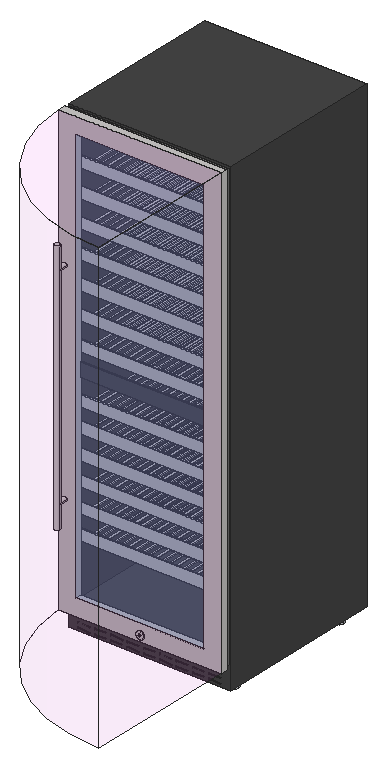
Revit family "QF_Summit_SWCP2163_Wine_Cellar", category Specialty Equipment, Revit 2020
Family settings
  Round Connector Dimension = Use Diameter
  Part Type = Normal
  Work Plane-Based = No
  Always vertical = Yes
  Cut with Voids When Loaded = No
  Shared = No
  Room Calculation Point = No
Parameters
  Weight in Pounds = 269
  Watts = if(Phase = 3, Volts * FL Amps * 1.73, Volts * FL Amps)  # 230 W
  Volts = 115 V
  URL Cutsheet = ""
  Specification by User = ""
  Specification by Manufacturer = ""
  Show RHD [instance] = not(Show LHD)  # no
  Show LHD [instance] = yes
  Show Clearance [instance] = yes
  Serial Number = ""
  Seismic Rating = ""
  SMACNA No = ""
  Revision Code = ""
  Refrigerant Type = "R600a"
  Phase = 1
  Number of Poles = 1
  NAFEM Spec ID Number = ""
  Model = "SWCP2163"
  Min Ckt Ampacity = 0 A
  Max Overcurrent Protection = 0 A
  Masterspec = ""
  Manufacturer = "Summit"
  Length = 23 5/8"
  Item Number = ""
  Installed By = ""
  Identify Quantity as Lot = yes
  Height = 69 1/2"
  HP = ""
  Furnished By = ""
  Foodservice Equipment Identifier = yes
  FL Amps = 2 A
  Electrical Remarks = ""
  Electric Connection Type = ""
  Elec Conn RI Height = 0"
  Elec Conn Connection Height = 0"
  Description = "Wine Cellar"
  Depth = 26 1/2"
  Default Elevation = 0"
  Cycle = 60 Hz
  Conn Plug = ""
  Conn Conduit = yes
  CSI MasterFormat = ""
  Apparent Power = if(Phase = 3, Volts * FL Amps * 1.73, Volts * FL Amps)  # 230 VA
Reference planes (in)
  plane 1 "BACK": y = 0
  plane 2: z = 0
  plane 3 "LEFT": x = 0
  plane 4 "RIGHT": x = 23.625
  plane 5 "FRONT": y = -26.5
  plane 6 "TOP": z = 69.5
  plane 7 "Center Y": x = 11.8125
  plane 8 "Center X": y = -13.25
  plane 9: y = -24.75
  plane 10: y = -48.75
  plane 11: y = -28.25
  plane 12 "Base Height": z = 1.25
  plane 13: z = 4.25
  plane 14: z = 6.125
Forms (in)
  Extrusion 1, solid, material "QF_Metal_Stainless_Polished"
    sketch origin (23.625, -24.75, 0.75) x (-1, 0, 0) y (0, 0, -1)
      loop
        line (23.625, -68.75) -> (23.625, -3.5) -> (0, -3.5) -> (0, -68.75) -> (23.625, -68.75)
      loop
        line (2.5, -5.875) -> (2.5, -66.375) -> (21.25, -66.375) -> (21.25, -5.875) -> (2.5, -5.875)
    from 0.75 to 1.75
  Extrusion 2, solid, material "Glass"
    sketch origin (23.625, -24.75, 0.75) x (-1, 0, 0) y (0, 0, -1)
      loop
        line (21.25, -66.375) -> (21.25, -5.875) -> (2.5, -5.875) -> (2.5, -66.375) -> (21.25, -66.375)
    from 1 to 1.75
  Extrusion 3, solid, material "QF_Metal_Black"
    sketch origin (23.625, -24.75, -10.775) x (-1, 0, 0) y (0, 0, -1)
      loop
        line (2.5, -47.9) -> (21.25, -47.9) -> (21.25, -45.9) -> (2.5, -45.9) -> (2.5, -47.9)
    from 0.75 to 1
  Extrusion 4, solid, material "QF_Metal_Stainless_Polished", visible <- "Show LHD"
    sketch origin (14.48848, -23.375, 0.625) x (-1, 0, 0) y (0, 0, -1)
      loop
        circle (13.6762, -48.875) r 0.3125
      loop
        circle (13.6762, -18.375) r 0.3125
    from 4.44906 to 3.125
  Extrusion 5, solid, material "QF_Metal_Stainless_Polished", visible <- "Show LHD"
    sketch origin (0.31689, 0, 1.25) x (-1, 0, 0) y (0, -1, 0)
      loop
        circle (-0.49424, 27.875) r 0.375
    from 14.5 to 51.5
  Extrusion 6, solid, material "QF_Rubber_Black_Smooth"
    sketch origin (1.09375, 0, 0.3125) x (1, 0, 0) y (0, 0, -1)
      loop
        circle (18.97551, -2.01083) r 0.25
    from -0.0625 to 0.10156
  Extrusion 7, void
    sketch origin (23.625, 0, 0) x (0, -1, 0) y (0, 0, 1)
      loop
        line (3.75, 68.125) -> (3.75, 10.375) -> (9.75, 10.375) -> (9.75, 5.625) -> (25.125, 5.625) -> (25.125, 68.125) -> (3.75, 68.125)
    from 1.625 to 22.125
  Extrusion 8, solid, material "QF_Rubber_Black_Smooth"
    sketch origin (23.625, -24.75, 0.75) x (-1, 0, 0) y (0, 0, -1)
      loop
        line (23.375, -3.75) -> (0.25, -3.75) -> (0.25, -68.5) -> (23.375, -68.5) -> (23.375, -3.75)
      loop
        line (22.375, -67.5) -> (22.375, -4.5) -> (1.25, -4.5) -> (1.25, -67.5) -> (22.375, -67.5)
    from 0 to 0.75
  Extrusion 9, solid, material "QF_Metal_Black"
    sketch origin (0, 0, 1.25) x (-1, 0, 0) y (0, -1, 0)
      loop
        line (-0.0625, 0) -> (-0.0625, 24.75) -> (-23.5625, 24.75) -> (-23.5625, 0) -> (-0.0625, 0)
    from 0 to 68.25
  Extrusion 10, void
    sketch origin (24.0305, -24.224, 1.08127) x (-1, 0, 0) y (0, 0, -1)
      loop
        line (3.53067, -2.66873) -> (1.90427, -2.66873)
        arc (1.90427, -2.66873) -> (1.77927, -2.79373) -> (1.90427, -2.91873) r 0.125
        line (1.90427, -2.91873) -> (3.53067, -2.91873)
        arc (3.53067, -2.91873) -> (3.65567, -2.79373) -> (3.53067, -2.66873) r 0.125
      loop
        line (3.53067, -1.91873) -> (1.90427, -1.91873)
        arc (1.90427, -1.91873) -> (1.77927, -2.04373) -> (1.90427, -2.16873) r 0.125
        line (1.90427, -2.16873) -> (3.53067, -2.16873)
        arc (3.53067, -2.16873) -> (3.65567, -2.04373) -> (3.53067, -1.91873) r 0.125
      loop
        line (3.53067, -1.16873) -> (1.90427, -1.16873)
        arc (1.90427, -1.16873) -> (1.77927, -1.29373) -> (1.90427, -1.41873) r 0.125
        line (1.90427, -1.41873) -> (3.53067, -1.41873)
        arc (3.53067, -1.41873) -> (3.65567, -1.29373) -> (3.53067, -1.16873) r 0.125
      loop
        line (3.53067, -0.41873) -> (1.90427, -0.41873)
        arc (1.90427, -0.41873) -> (1.77927, -0.54373) -> (1.90427, -0.66873) r 0.125
        line (1.90427, -0.66873) -> (3.53067, -0.66873)
        arc (3.53067, -0.66873) -> (3.65567, -0.54373) -> (3.53067, -0.41873) r 0.125
      loop
        line (5.9069, -2.66873) -> (4.2805, -2.66873)
        arc (4.2805, -2.66873) -> (4.1555, -2.79373) -> (4.2805, -2.91873) r 0.125
        line (4.2805, -2.91873) -> (5.9069, -2.91873)
        arc (5.9069, -2.91873) -> (6.0319, -2.79373) -> (5.9069, -2.66873) r 0.125
      loop
        line (5.9069, -1.91873) -> (4.2805, -1.91873)
        arc (4.2805, -1.91873) -> (4.1555, -2.04373) -> (4.2805, -2.16873) r 0.125
        line (4.2805, -2.16873) -> (5.9069, -2.16873)
        arc (5.9069, -2.16873) -> (6.0319, -2.04373) -> (5.9069, -1.91873) r 0.125
      loop
        line (5.9069, -1.16873) -> (4.2805, -1.16873)
        arc (4.2805, -1.16873) -> (4.1555, -1.29373) -> (4.2805, -1.41873) r 0.125
        line (4.2805, -1.41873) -> (5.9069, -1.41873)
        arc (5.9069, -1.41873) -> (6.0319, -1.29373) -> (5.9069, -1.16873) r 0.125
      loop
        line (5.9069, -0.41873) -> (4.2805, -0.41873)
        arc (4.2805, -0.41873) -> (4.1555, -0.54373) -> (4.2805, -0.66873) r 0.125
        line (4.2805, -0.66873) -> (5.9069, -0.66873)
        arc (5.9069, -0.66873) -> (6.0319, -0.54373) -> (5.9069, -0.41873) r 0.125
      loop
        line (8.2819, -2.66873) -> (6.6555, -2.66873)
        arc (6.6555, -2.66873) -> (6.5305, -2.79373) -> (6.6555, -2.91873) r 0.125
        line (6.6555, -2.91873) -> (8.2819, -2.91873)
        arc (8.2819, -2.91873) -> (8.4069, -2.79373) -> (8.2819, -2.66873) r 0.125
      loop
        line (8.2819, -1.91873) -> (6.6555, -1.91873)
        arc (6.6555, -1.91873) -> (6.5305, -2.04373) -> (6.6555, -2.16873) r 0.125
        line (6.6555, -2.16873) -> (8.2819, -2.16873)
        arc (8.2819, -2.16873) -> (8.4069, -2.04373) -> (8.2819, -1.91873) r 0.125
      loop
        line (8.2819, -1.16873) -> (6.6555, -1.16873)
        arc (6.6555, -1.16873) -> (6.5305, -1.29373) -> (6.6555, -1.41873) r 0.125
        line (6.6555, -1.41873) -> (8.2819, -1.41873)
        arc (8.2819, -1.41873) -> (8.4069, -1.29373) -> (8.2819, -1.16873) r 0.125
      loop
        line (8.2819, -0.41873) -> (6.6555, -0.41873)
        arc (6.6555, -0.41873) -> (6.5305, -0.54373) -> (6.6555, -0.66873) r 0.125
        line (6.6555, -0.66873) -> (8.2819, -0.66873)
        arc (8.2819, -0.66873) -> (8.4069, -0.54373) -> (8.2819, -0.41873) r 0.125
      loop
        line (10.6569, -2.66873) -> (9.0305, -2.66873)
        arc (9.0305, -2.66873) -> (8.9055, -2.79373) -> (9.0305, -2.91873) r 0.125
        line (9.0305, -2.91873) -> (10.6569, -2.91873)
        arc (10.6569, -2.91873) -> (10.7819, -2.79373) -> (10.6569, -2.66873) r 0.125
      loop
        line (10.6569, -1.91873) -> (9.0305, -1.91873)
        arc (9.0305, -1.91873) -> (8.9055, -2.04373) -> (9.0305, -2.16873) r 0.125
        line (9.0305, -2.16873) -> (10.6569, -2.16873)
        arc (10.6569, -2.16873) -> (10.7819, -2.04373) -> (10.6569, -1.91873) r 0.125
      loop
        line (10.6569, -1.16873) -> (9.0305, -1.16873)
        arc (9.0305, -1.16873) -> (8.9055, -1.29373) -> (9.0305, -1.41873) r 0.125
        line (9.0305, -1.41873) -> (10.6569, -1.41873)
        arc (10.6569, -1.41873) -> (10.7819, -1.29373) -> (10.6569, -1.16873) r 0.125
      loop
        line (10.6569, -0.41873) -> (9.0305, -0.41873)
        arc (9.0305, -0.41873) -> (8.9055, -0.54373) -> (9.0305, -0.66873) r 0.125
        line (9.0305, -0.66873) -> (10.6569, -0.66873)
        arc (10.6569, -0.66873) -> (10.7819, -0.54373) -> (10.6569, -0.41873) r 0.125
      loop
        line (15.4069, -2.66873) -> (13.7805, -2.66873)
        arc (13.7805, -2.66873) -> (13.6555, -2.79373) -> (13.7805, -2.91873) r 0.125
        line (13.7805, -2.91873) -> (15.4069, -2.91873)
        arc (15.4069, -2.91873) -> (15.5319, -2.79373) -> (15.4069, -2.66873) r 0.125
      loop
        line (15.4069, -1.91873) -> (13.7805, -1.91873)
        arc (13.7805, -1.91873) -> (13.6555, -2.04373) -> (13.7805, -2.16873) r 0.125
        line (13.7805, -2.16873) -> (15.4069, -2.16873)
        arc (15.4069, -2.16873) -> (15.5319, -2.04373) -> (15.4069, -1.91873) r 0.125
      loop
        line (15.4069, -1.16873) -> (13.7805, -1.16873)
        arc (13.7805, -1.16873) -> (13.6555, -1.29373) -> (13.7805, -1.41873) r 0.125
        line (13.7805, -1.41873) -> (15.4069, -1.41873)
        arc (15.4069, -1.41873) -> (15.5319, -1.29373) -> (15.4069, -1.16873) r 0.125
      loop
        line (15.4069, -0.41873) -> (13.7805, -0.41873)
        arc (13.7805, -0.41873) -> (13.6555, -0.54373) -> (13.7805, -0.66873) r 0.125
        line (13.7805, -0.66873) -> (15.4069, -0.66873)
        arc (15.4069, -0.66873) -> (15.5319, -0.54373) -> (15.4069, -0.41873) r 0.125
      loop
        line (17.7819, -2.66873) -> (16.1555, -2.66873)
        arc (16.1555, -2.66873) -> (16.0305, -2.79373) -> (16.1555, -2.91873) r 0.125
        line (16.1555, -2.91873) -> (17.7819, -2.91873)
        arc (17.7819, -2.91873) -> (17.9069, -2.79373) -> (17.7819, -2.66873) r 0.125
      loop
        line (17.7819, -1.91873) -> (16.1555, -1.91873)
        arc (16.1555, -1.91873) -> (16.0305, -2.04373) -> (16.1555, -2.16873) r 0.125
        line (16.1555, -2.16873) -> (17.7819, -2.16873)
        arc (17.7819, -2.16873) -> (17.9069, -2.04373) -> (17.7819, -1.91873) r 0.125
      loop
        line (17.7819, -1.16873) -> (16.1555, -1.16873)
        arc (16.1555, -1.16873) -> (16.0305, -1.29373) -> (16.1555, -1.41873) r 0.125
        line (16.1555, -1.41873) -> (17.7819, -1.41873)
        arc (17.7819, -1.41873) -> (17.9069, -1.29373) -> (17.7819, -1.16873) r 0.125
      loop
        line (17.7819, -0.41873) -> (16.1555, -0.41873)
        arc (16.1555, -0.41873) -> (16.0305, -0.54373) -> (16.1555, -0.66873) r 0.125
        line (16.1555, -0.66873) -> (17.7819, -0.66873)
        arc (17.7819, -0.66873) -> (17.9069, -0.54373) -> (17.7819, -0.41873) r 0.125
      loop
        line (20.1569, -2.66873) -> (18.5305, -2.66873)
        arc (18.5305, -2.66873) -> (18.4055, -2.79373) -> (18.5305, -2.91873) r 0.125
        line (18.5305, -2.91873) -> (20.1569, -2.91873)
        arc (20.1569, -2.91873) -> (20.2819, -2.79373) -> (20.1569, -2.66873) r 0.125
      loop
        line (20.1569, -1.91873) -> (18.5305, -1.91873)
        arc (18.5305, -1.91873) -> (18.4055, -2.04373) -> (18.5305, -2.16873) r 0.125
        line (18.5305, -2.16873) -> (20.1569, -2.16873)
        arc (20.1569, -2.16873) -> (20.2819, -2.04373) -> (20.1569, -1.91873) r 0.125
      loop
        line (20.1569, -1.16873) -> (18.5305, -1.16873)
        arc (18.5305, -1.16873) -> (18.4055, -1.29373) -> (18.5305, -1.41873) r 0.125
        line (18.5305, -1.41873) -> (20.1569, -1.41873)
        arc (20.1569, -1.41873) -> (20.2819, -1.29373) -> (20.1569, -1.16873) r 0.125
      loop
        line (20.1569, -0.41873) -> (18.5305, -0.41873)
        arc (18.5305, -0.41873) -> (18.4055, -0.54373) -> (18.5305, -0.66873) r 0.125
        line (18.5305, -0.66873) -> (20.1569, -0.66873)
        arc (20.1569, -0.66873) -> (20.2819, -0.54373) -> (20.1569, -0.41873) r 0.125
      loop
        line (22.5319, -2.66873) -> (20.9055, -2.66873)
        arc (20.9055, -2.66873) -> (20.7805, -2.79373) -> (20.9055, -2.91873) r 0.125
        line (20.9055, -2.91873) -> (22.5319, -2.91873)
        arc (22.5319, -2.91873) -> (22.6569, -2.79373) -> (22.5319, -2.66873) r 0.125
      loop
        line (22.5319, -1.91873) -> (20.9055, -1.91873)
        arc (20.9055, -1.91873) -> (20.7805, -2.04373) -> (20.9055, -2.16873) r 0.125
        line (20.9055, -2.16873) -> (22.5319, -2.16873)
        arc (22.5319, -2.16873) -> (22.6569, -2.04373) -> (22.5319, -1.91873) r 0.125
      loop
        line (22.5319, -1.16873) -> (20.9055, -1.16873)
        arc (20.9055, -1.16873) -> (20.7805, -1.29373) -> (20.9055, -1.41873) r 0.125
        line (20.9055, -1.41873) -> (22.5319, -1.41873)
        arc (22.5319, -1.41873) -> (22.6569, -1.29373) -> (22.5319, -1.16873) r 0.125
      loop
        line (22.5319, -0.41873) -> (20.9055, -0.41873)
        arc (20.9055, -0.41873) -> (20.7805, -0.54373) -> (20.9055, -0.66873) r 0.125
        line (20.9055, -0.66873) -> (22.5319, -0.66873)
        arc (22.5319, -0.66873) -> (22.6569, -0.54373) -> (22.5319, -0.41873) r 0.125
      loop
        line (13.0319, -1.16873) -> (11.4055, -1.16873)
        arc (11.4055, -1.16873) -> (11.2805, -1.29373) -> (11.4055, -1.41873) r 0.125
        line (11.4055, -1.41873) -> (13.0319, -1.41873)
        arc (13.0319, -1.41873) -> (13.1569, -1.29373) -> (13.0319, -1.16873) r 0.125
      loop
        line (13.0319, -0.41873) -> (11.4055, -0.41873)
        arc (11.4055, -0.41873) -> (11.2805, -0.54373) -> (11.4055, -0.66873) r 0.125
        line (11.4055, -0.66873) -> (13.0319, -0.66873)
        arc (13.0319, -0.66873) -> (13.1569, -0.54373) -> (13.0319, -0.41873) r 0.125
    from 1.44536 to -1
  Revolve 11, solid
    sketch origin (0, -2.83333, 0) x (1, 0, 0) y (0, 0, 1)
      loop
        line (21.93936, 1.25) -> (21.75886, 1.25) -> (21.75886, 0.982) -> (21.31436, 0.982) -> (21.34561, 0) -> (21.93936, 0) -> (21.93936, 1.25)
      axis (21.93936, 0) -> (21.93936, 1.25)
    angle from 0 to 360
  Revolve 12, solid
    sketch origin (-20.25186, -2.83333, 0) x (1, 0, 0) y (0, 0, 1)
      loop
        line (21.93936, 1.25) -> (21.75886, 1.25) -> (21.75886, 0.982) -> (21.31436, 0.982) -> (21.34561, 0) -> (21.93936, 0) -> (21.93936, 1.25)
      axis (21.93936, 0) -> (21.93936, 1.25)
    angle from 0 to 360
  Revolve 13, solid
    sketch origin (0, -21.91667, 0) x (1, 0, 0) y (0, 0, 1)
      loop
        line (21.93936, 1.25) -> (21.75886, 1.25) -> (21.75886, 0.982) -> (21.31436, 0.982) -> (21.34561, 0) -> (21.93936, 0) -> (21.93936, 1.25)
      axis (21.93936, 0) -> (21.93936, 1.25)
    angle from 0 to 360
  Revolve 14, solid
    sketch origin (-20.25186, -21.91667, 0) x (1, 0, 0) y (0, 0, 1)
      loop
        line (21.93936, 1.25) -> (21.75886, 1.25) -> (21.75886, 0.982) -> (21.31436, 0.982) -> (21.34561, 0) -> (21.93936, 0) -> (21.93936, 1.25)
      axis (21.93936, 0) -> (21.93936, 1.25)
    angle from 0 to 360
  Extrusion 15, solid, material "QF_Metal_Black"
    sketch origin (23.625, -3.75, 31.875) x (0, 0, -1) y (1, 0, 0)
      loop
        circle (-32.65791, -11.8125) r 2.25
      loop
        circle (-32.65791, -11.8125) r 2.15625
      loop
        circle (-32.65791, -11.8125) r 1.875
      loop
        circle (-32.65791, -11.8125) r 1.78125
      loop
        circle (-32.65791, -11.8125) r 1.5
      loop
        circle (-32.65791, -11.8125) r 1.40625
      loop
        circle (-32.65791, -11.8125) r 1.125
      loop
        circle (-32.65791, -11.8125) r 1.03125
    from 0 to 0.25
  Extrusion 16, solid, material "QF_Clearances_Door_Drawer", visible <- "Show LHD"
    sketch origin (0, 0, 1.25) x (-1, 0, 0) y (0, -1, 0)
      loop
        line (-23.625, 48.74698) -> (-23.625, 26.5) -> (-0.02152, 26.5)
        arc (-0.02152, 26.5) -> (-7.30314, 42.41922) -> (-23.625, 48.74698) r 23.25
    from 3 to 68.25
  Extrusion 17, void
    sketch origin (0, -26.5, 0.4375) x (1, 0, 0) y (0, 0, 1)
      loop
        circle (11.8125, 4.66135) r 0.5625
    from -0.41526 to 0.27553
  Extrusion 18, solid, material "QF_Metal_Stainless_Polished"
    sketch origin (23.625, -26.5, 0.75) x (-1, 0, 0) y (0, 0, -1)
      loop
        circle (11.8125, -4.34885) r 0.5625
      loop
        circle (11.8125, -4.34885) r 0.1875
      loop
        circle (11.8125, -4.34885) r 0.05145
    from -0.41526 to 0.04673
  Extrusion 19, solid, material "QF_Metal_Stainless_Polished"
    sketch origin (23.625, -25.5, -16.13754) x (1, 0, 0) y (0, 0, -1)
      loop
        line (-21.25, -64.01254) -> (-2.5, -64.01254) -> (-2.5, -62.41369) -> (-21.25, -62.41369) -> (-21.25, -64.01254)
    from 0 to 0.125
  Extrusion 20, solid, material "QF_Metal_Stainless_Polished"
    sketch origin (23.625, -25.375, -16.13754) x (1, 0, 0) y (0, 0, -1)
      loop
        circle (-11.8125, -62.65879) r 0.11817
      loop
        circle (-12.8125, -62.65879) r 0.11817
      loop
        circle (-13.8125, -62.65879) r 0.11817
      loop
        circle (-14.8125, -62.65879) r 0.11817
      loop
        circle (-15.8125, -62.65879) r 0.11817
      loop
        circle (-16.8125, -62.65879) r 0.11817
      loop
        circle (-17.8125, -62.65879) r 0.11817
      loop
        circle (-18.8125, -62.65879) r 0.11817
      loop
        circle (-19.8125, -62.65879) r 0.11817
      loop
        circle (-20.8125, -62.65879) r 0.11817
      loop
        circle (-10.8125, -62.65879) r 0.11817
      loop
        circle (-9.8125, -62.65879) r 0.11817
      loop
        circle (-8.8125, -62.65879) r 0.11817
      loop
        circle (-7.8125, -62.65879) r 0.11817
      loop
        circle (-6.8125, -62.65879) r 0.11817
      loop
        circle (-5.8125, -62.65879) r 0.11817
      loop
        circle (-4.8125, -62.65879) r 0.11817
      loop
        circle (-3.8125, -62.65879) r 0.11817
      loop
        circle (-2.8125, -62.65879) r 0.11817
    from 0 to 21
  Extrusion 21, solid, material "QF_Metal_Stainless_Polished"
    sketch origin (21.125, -25.5, 46.27615) x (0, 1, 0) y (1, 0, 0)
      loop
        line (21.125, -18.43067) -> (21.125, -0.18067) -> (20.875, -0.18067) -> (20.875, -18.43067) -> (21.125, -18.43067)
      loop
        line (7.125, -18.43067) -> (7.125, -0.18067) -> (6.875, -0.18067) -> (6.875, -18.43067) -> (7.125, -18.43067)
      loop
        line (12.25, -18.43067) -> (12.25, -0.18067) -> (12, -0.18067) -> (12, -18.43067) -> (12.25, -18.43067)
    from -0.33488 to -0.19678
  Extrusion 22, solid, material "QF_Metal_Stainless_Polished"
    sketch origin (23.625, -25.5, -12.13754) x (1, 0, 0) y (0, 0, -1)
      loop
        line (-21.25, -64.01254) -> (-2.5, -64.01254) -> (-2.5, -62.41369) -> (-21.25, -62.41369) -> (-21.25, -64.01254)
    from 0 to 0.125
  Extrusion 23, solid, material "QF_Metal_Stainless_Polished"
    sketch origin (23.625, -25.375, -12.13754) x (1, 0, 0) y (0, 0, -1)
      loop
        circle (-11.8125, -62.65879) r 0.11817
      loop
        circle (-12.8125, -62.65879) r 0.11817
      loop
        circle (-13.8125, -62.65879) r 0.11817
      loop
        circle (-14.8125, -62.65879) r 0.11817
      loop
        circle (-15.8125, -62.65879) r 0.11817
      loop
        circle (-16.8125, -62.65879) r 0.11817
      loop
        circle (-17.8125, -62.65879) r 0.11817
      loop
        circle (-18.8125, -62.65879) r 0.11817
      loop
        circle (-19.8125, -62.65879) r 0.11817
      loop
        circle (-20.8125, -62.65879) r 0.11817
      loop
        circle (-10.8125, -62.65879) r 0.11817
      loop
        circle (-9.8125, -62.65879) r 0.11817
      loop
        circle (-8.8125, -62.65879) r 0.11817
      loop
        circle (-7.8125, -62.65879) r 0.11817
      loop
        circle (-6.8125, -62.65879) r 0.11817
      loop
        circle (-5.8125, -62.65879) r 0.11817
      loop
        circle (-4.8125, -62.65879) r 0.11817
      loop
        circle (-3.8125, -62.65879) r 0.11817
      loop
        circle (-2.8125, -62.65879) r 0.11817
    from 0 to 21
  Extrusion 24, solid, material "QF_Metal_Stainless_Polished"
    sketch origin (21.125, -25.5, 50.27615) x (0, 1, 0) y (1, 0, 0)
      loop
        line (21.125, -18.43067) -> (21.125, -0.18067) -> (20.875, -0.18067) -> (20.875, -18.43067) -> (21.125, -18.43067)
      loop
        line (7.125, -18.43067) -> (7.125, -0.18067) -> (6.875, -0.18067) -> (6.875, -18.43067) -> (7.125, -18.43067)
      loop
        line (12.25, -18.43067) -> (12.25, -0.18067) -> (12, -0.18067) -> (12, -18.43067) -> (12.25, -18.43067)
    from -0.33488 to -0.19678
  Extrusion 25, solid, material "QF_Metal_Stainless_Polished"
    sketch origin (23.625, -25.5, -8.13754) x (1, 0, 0) y (0, 0, -1)
      loop
        line (-21.25, -64.01254) -> (-2.5, -64.01254) -> (-2.5, -62.41369) -> (-21.25, -62.41369) -> (-21.25, -64.01254)
    from 0 to 0.125
  Extrusion 26, solid, material "QF_Metal_Stainless_Polished"
    sketch origin (23.625, -25.375, -8.13754) x (1, 0, 0) y (0, 0, -1)
      loop
        circle (-11.8125, -62.65879) r 0.11817
      loop
        circle (-12.8125, -62.65879) r 0.11817
      loop
        circle (-13.8125, -62.65879) r 0.11817
      loop
        circle (-14.8125, -62.65879) r 0.11817
      loop
        circle (-15.8125, -62.65879) r 0.11817
      loop
        circle (-16.8125, -62.65879) r 0.11817
      loop
        circle (-17.8125, -62.65879) r 0.11817
      loop
        circle (-18.8125, -62.65879) r 0.11817
      loop
        circle (-19.8125, -62.65879) r 0.11817
      loop
        circle (-20.8125, -62.65879) r 0.11817
      loop
        circle (-10.8125, -62.65879) r 0.11817
      loop
        circle (-9.8125, -62.65879) r 0.11817
      loop
        circle (-8.8125, -62.65879) r 0.11817
      loop
        circle (-7.8125, -62.65879) r 0.11817
      loop
        circle (-6.8125, -62.65879) r 0.11817
      loop
        circle (-5.8125, -62.65879) r 0.11817
      loop
        circle (-4.8125, -62.65879) r 0.11817
      loop
        circle (-3.8125, -62.65879) r 0.11817
      loop
        circle (-2.8125, -62.65879) r 0.11817
    from 0 to 21
  Extrusion 27, solid, material "QF_Metal_Stainless_Polished"
    sketch origin (21.125, -25.5, 54.27615) x (0, 1, 0) y (1, 0, 0)
      loop
        line (21.125, -18.43067) -> (21.125, -0.18067) -> (20.875, -0.18067) -> (20.875, -18.43067) -> (21.125, -18.43067)
      loop
        line (7.125, -18.43067) -> (7.125, -0.18067) -> (6.875, -0.18067) -> (6.875, -18.43067) -> (7.125, -18.43067)
      loop
        line (12.25, -18.43067) -> (12.25, -0.18067) -> (12, -0.18067) -> (12, -18.43067) -> (12.25, -18.43067)
    from -0.33488 to -0.19678
  Extrusion 28, solid, material "QF_Metal_Stainless_Polished"
    sketch origin (23.625, -25.5, -4.13754) x (1, 0, 0) y (0, 0, -1)
      loop
        line (-21.25, -64.01254) -> (-2.5, -64.01254) -> (-2.5, -62.41369) -> (-21.25, -62.41369) -> (-21.25, -64.01254)
    from 0 to 0.125
  Extrusion 29, solid, material "QF_Metal_Stainless_Polished"
    sketch origin (23.625, -25.375, -4.13754) x (1, 0, 0) y (0, 0, -1)
      loop
        circle (-11.8125, -62.65879) r 0.11817
      loop
        circle (-12.8125, -62.65879) r 0.11817
      loop
        circle (-13.8125, -62.65879) r 0.11817
      loop
        circle (-14.8125, -62.65879) r 0.11817
      loop
        circle (-15.8125, -62.65879) r 0.11817
      loop
        circle (-16.8125, -62.65879) r 0.11817
      loop
        circle (-17.8125, -62.65879) r 0.11817
      loop
        circle (-18.8125, -62.65879) r 0.11817
      loop
        circle (-19.8125, -62.65879) r 0.11817
      loop
        circle (-20.8125, -62.65879) r 0.11817
      loop
        circle (-10.8125, -62.65879) r 0.11817
      loop
        circle (-9.8125, -62.65879) r 0.11817
      loop
        circle (-8.8125, -62.65879) r 0.11817
      loop
        circle (-7.8125, -62.65879) r 0.11817
      loop
        circle (-6.8125, -62.65879) r 0.11817
      loop
        circle (-5.8125, -62.65879) r 0.11817
      loop
        circle (-4.8125, -62.65879) r 0.11817
      loop
        circle (-3.8125, -62.65879) r 0.11817
      loop
        circle (-2.8125, -62.65879) r 0.11817
    from 0 to 21
  Extrusion 30, solid, material "QF_Metal_Stainless_Polished"
    sketch origin (21.125, -25.5, 58.27615) x (0, 1, 0) y (1, 0, 0)
      loop
        line (21.125, -18.43067) -> (21.125, -0.18067) -> (20.875, -0.18067) -> (20.875, -18.43067) -> (21.125, -18.43067)
      loop
        line (7.125, -18.43067) -> (7.125, -0.18067) -> (6.875, -0.18067) -> (6.875, -18.43067) -> (7.125, -18.43067)
      loop
        line (12.25, -18.43067) -> (12.25, -0.18067) -> (12, -0.18067) -> (12, -18.43067) -> (12.25, -18.43067)
    from -0.33488 to -0.19678
  Extrusion 31, solid, material "QF_Metal_Stainless_Polished"
    sketch origin (23.625, -25.5, -0.13754) x (1, 0, 0) y (0, 0, -1)
      loop
        line (-21.25, -64.01254) -> (-2.5, -64.01254) -> (-2.5, -62.41369) -> (-21.25, -62.41369) -> (-21.25, -64.01254)
    from 0 to 0.125
  Extrusion 32, solid, material "QF_Metal_Stainless_Polished"
    sketch origin (23.625, -25.375, -0.13754) x (1, 0, 0) y (0, 0, -1)
      loop
        circle (-11.8125, -62.65879) r 0.11817
      loop
        circle (-12.8125, -62.65879) r 0.11817
      loop
        circle (-13.8125, -62.65879) r 0.11817
      loop
        circle (-14.8125, -62.65879) r 0.11817
      loop
        circle (-15.8125, -62.65879) r 0.11817
      loop
        circle (-16.8125, -62.65879) r 0.11817
      loop
        circle (-17.8125, -62.65879) r 0.11817
      loop
        circle (-18.8125, -62.65879) r 0.11817
      loop
        circle (-19.8125, -62.65879) r 0.11817
      loop
        circle (-20.8125, -62.65879) r 0.11817
      loop
        circle (-10.8125, -62.65879) r 0.11817
      loop
        circle (-9.8125, -62.65879) r 0.11817
      loop
        circle (-8.8125, -62.65879) r 0.11817
      loop
        circle (-7.8125, -62.65879) r 0.11817
      loop
        circle (-6.8125, -62.65879) r 0.11817
      loop
        circle (-5.8125, -62.65879) r 0.11817
      loop
        circle (-4.8125, -62.65879) r 0.11817
      loop
        circle (-3.8125, -62.65879) r 0.11817
      loop
        circle (-2.8125, -62.65879) r 0.11817
    from 0 to 21
  Extrusion 33, solid, material "QF_Metal_Stainless_Polished"
    sketch origin (21.125, -25.5, 62.27615) x (0, 1, 0) y (1, 0, 0)
      loop
        line (21.125, -18.43067) -> (21.125, -0.18067) -> (20.875, -0.18067) -> (20.875, -18.43067) -> (21.125, -18.43067)
      loop
        line (7.125, -18.43067) -> (7.125, -0.18067) -> (6.875, -0.18067) -> (6.875, -18.43067) -> (7.125, -18.43067)
      loop
        line (12.25, -18.43067) -> (12.25, -0.18067) -> (12, -0.18067) -> (12, -18.43067) -> (12.25, -18.43067)
    from -0.33488 to -0.19678
  Extrusion 34, solid, material "QF_Metal_Stainless_Polished", not visible
    sketch origin (23.625, -25.5, 0.75) x (1, 0, 0) y (0, 0, -1)
      loop
        line (-21.25, -64.01254) -> (-2.5, -64.01254) -> (-2.5, -62.41369) -> (-21.25, -62.41369) -> (-21.25, -64.01254)
    from 0 to 0.125
  Extrusion 35, solid, material "QF_Metal_Stainless_Polished", not visible
    sketch origin (23.625, -25.375, 0.75) x (1, 0, 0) y (0, 0, -1)
      loop
        circle (-11.8125, -62.65879) r 0.11817
      loop
        circle (-12.8125, -62.65879) r 0.11817
      loop
        circle (-13.8125, -62.65879) r 0.11817
      loop
        circle (-14.8125, -62.65879) r 0.11817
      loop
        circle (-15.8125, -62.65879) r 0.11817
      loop
        circle (-16.8125, -62.65879) r 0.11817
      loop
        circle (-17.8125, -62.65879) r 0.11817
      loop
        circle (-18.8125, -62.65879) r 0.11817
      loop
        circle (-19.8125, -62.65879) r 0.11817
      loop
        circle (-20.8125, -62.65879) r 0.11817
      loop
        circle (-10.8125, -62.65879) r 0.11817
      loop
        circle (-9.8125, -62.65879) r 0.11817
      loop
        circle (-8.8125, -62.65879) r 0.11817
      loop
        circle (-7.8125, -62.65879) r 0.11817
      loop
        circle (-6.8125, -62.65879) r 0.11817
      loop
        circle (-5.8125, -62.65879) r 0.11817
      loop
        circle (-4.8125, -62.65879) r 0.11817
      loop
        circle (-3.8125, -62.65879) r 0.11817
      loop
        circle (-2.8125, -62.65879) r 0.11817
    from 0 to 21
  Extrusion 36, solid, material "QF_Metal_Stainless_Polished", not visible
    sketch origin (21.125, -25.5, 63.16369) x (0, 1, 0) y (1, 0, 0)
      loop
        line (21.125, -18.43067) -> (21.125, -0.18067) -> (20.875, -0.18067) -> (20.875, -18.43067) -> (21.125, -18.43067)
      loop
        line (7.125, -18.43067) -> (7.125, -0.18067) -> (6.875, -0.18067) -> (6.875, -18.43067) -> (7.125, -18.43067)
      loop
        line (12.25, -18.43067) -> (12.25, -0.18067) -> (12, -0.18067) -> (12, -18.43067) -> (12.25, -18.43067)
    from -0.33488 to -0.19678
  Extrusion 37, solid, material "QF_Metal_Stainless_Polished"
    sketch origin (23.625, -25.5, -24.13754) x (1, 0, 0) y (0, 0, -1)
      loop
        line (-21.25, -64.01254) -> (-2.5, -64.01254) -> (-2.5, -62.41369) -> (-21.25, -62.41369) -> (-21.25, -64.01254)
    from 0 to 0.125
  Extrusion 38, solid, material "QF_Metal_Stainless_Polished"
    sketch origin (23.625, -25.375, -24.13754) x (1, 0, 0) y (0, 0, -1)
      loop
        circle (-11.8125, -62.65879) r 0.11817
      loop
        circle (-12.8125, -62.65879) r 0.11817
      loop
        circle (-13.8125, -62.65879) r 0.11817
      loop
        circle (-14.8125, -62.65879) r 0.11817
      loop
        circle (-15.8125, -62.65879) r 0.11817
      loop
        circle (-16.8125, -62.65879) r 0.11817
      loop
        circle (-17.8125, -62.65879) r 0.11817
      loop
        circle (-18.8125, -62.65879) r 0.11817
      loop
        circle (-19.8125, -62.65879) r 0.11817
      loop
        circle (-20.8125, -62.65879) r 0.11817
      loop
        circle (-10.8125, -62.65879) r 0.11817
      loop
        circle (-9.8125, -62.65879) r 0.11817
      loop
        circle (-8.8125, -62.65879) r 0.11817
      loop
        circle (-7.8125, -62.65879) r 0.11817
      loop
        circle (-6.8125, -62.65879) r 0.11817
      loop
        circle (-5.8125, -62.65879) r 0.11817
      loop
        circle (-4.8125, -62.65879) r 0.11817
      loop
        circle (-3.8125, -62.65879) r 0.11817
      loop
        circle (-2.8125, -62.65879) r 0.11817
    from 0 to 21
  Extrusion 39, solid, material "QF_Metal_Stainless_Polished"
    sketch origin (21.125, -25.5, 38.27615) x (0, 1, 0) y (1, 0, 0)
      loop
        line (21.125, -18.43067) -> (21.125, -0.18067) -> (20.875, -0.18067) -> (20.875, -18.43067) -> (21.125, -18.43067)
      loop
        line (7.125, -18.43067) -> (7.125, -0.18067) -> (6.875, -0.18067) -> (6.875, -18.43067) -> (7.125, -18.43067)
      loop
        line (12.25, -18.43067) -> (12.25, -0.18067) -> (12, -0.18067) -> (12, -18.43067) -> (12.25, -18.43067)
    from -0.33488 to -0.19678
  Extrusion 40, solid, material "QF_Metal_Stainless_Polished"
    sketch origin (23.625, -25.5, -20.13754) x (1, 0, 0) y (0, 0, -1)
      loop
        line (-21.25, -64.01254) -> (-2.5, -64.01254) -> (-2.5, -62.41369) -> (-21.25, -62.41369) -> (-21.25, -64.01254)
    from 0 to 0.125
  Extrusion 41, solid, material "QF_Metal_Stainless_Polished"
    sketch origin (23.625, -25.375, -20.13754) x (1, 0, 0) y (0, 0, -1)
      loop
        circle (-11.8125, -62.65879) r 0.11817
      loop
        circle (-12.8125, -62.65879) r 0.11817
      loop
        circle (-13.8125, -62.65879) r 0.11817
      loop
        circle (-14.8125, -62.65879) r 0.11817
      loop
        circle (-15.8125, -62.65879) r 0.11817
      loop
        circle (-16.8125, -62.65879) r 0.11817
      loop
        circle (-17.8125, -62.65879) r 0.11817
      loop
        circle (-18.8125, -62.65879) r 0.11817
      loop
        circle (-19.8125, -62.65879) r 0.11817
      loop
        circle (-20.8125, -62.65879) r 0.11817
      loop
        circle (-10.8125, -62.65879) r 0.11817
      loop
        circle (-9.8125, -62.65879) r 0.11817
      loop
        circle (-8.8125, -62.65879) r 0.11817
      loop
        circle (-7.8125, -62.65879) r 0.11817
      loop
        circle (-6.8125, -62.65879) r 0.11817
      loop
        circle (-5.8125, -62.65879) r 0.11817
      loop
        circle (-4.8125, -62.65879) r 0.11817
      loop
        circle (-3.8125, -62.65879) r 0.11817
      loop
        circle (-2.8125, -62.65879) r 0.11817
    from 0 to 21
  Extrusion 42, solid, material "QF_Metal_Stainless_Polished"
    sketch origin (21.125, -25.5, 42.27615) x (0, 1, 0) y (1, 0, 0)
      loop
        line (21.125, -18.43067) -> (21.125, -0.18067) -> (20.875, -0.18067) -> (20.875, -18.43067) -> (21.125, -18.43067)
      loop
        line (7.125, -18.43067) -> (7.125, -0.18067) -> (6.875, -0.18067) -> (6.875, -18.43067) -> (7.125, -18.43067)
      loop
        line (12.25, -18.43067) -> (12.25, -0.18067) -> (12, -0.18067) -> (12, -18.43067) -> (12.25, -18.43067)
    from -0.33488 to -0.19678
  Extrusion 43, solid, material "QF_Metal_Stainless_Polished"
    sketch origin (23.625, -25.5, -31.28869) x (1, 0, 0) y (0, 0, -1)
      loop
        line (-21.25, -64.01254) -> (-2.5, -64.01254) -> (-2.5, -62.41369) -> (-21.25, -62.41369) -> (-21.25, -64.01254)
    from 0 to 0.125
  Extrusion 44, solid, material "QF_Metal_Stainless_Polished"
    sketch origin (23.625, -25.375, -31.28869) x (1, 0, 0) y (0, 0, -1)
      loop
        circle (-11.8125, -62.65879) r 0.11817
      loop
        circle (-12.8125, -62.65879) r 0.11817
      loop
        circle (-13.8125, -62.65879) r 0.11817
      loop
        circle (-14.8125, -62.65879) r 0.11817
      loop
        circle (-15.8125, -62.65879) r 0.11817
      loop
        circle (-16.8125, -62.65879) r 0.11817
      loop
        circle (-17.8125, -62.65879) r 0.11817
      loop
        circle (-18.8125, -62.65879) r 0.11817
      loop
        circle (-19.8125, -62.65879) r 0.11817
      loop
        circle (-20.8125, -62.65879) r 0.11817
      loop
        circle (-10.8125, -62.65879) r 0.11817
      loop
        circle (-9.8125, -62.65879) r 0.11817
      loop
        circle (-8.8125, -62.65879) r 0.11817
      loop
        circle (-7.8125, -62.65879) r 0.11817
      loop
        circle (-6.8125, -62.65879) r 0.11817
      loop
        circle (-5.8125, -62.65879) r 0.11817
      loop
        circle (-4.8125, -62.65879) r 0.11817
      loop
        circle (-3.8125, -62.65879) r 0.11817
      loop
        circle (-2.8125, -62.65879) r 0.11817
    from 0 to 21
  Extrusion 45, solid, material "QF_Metal_Stainless_Polished"
    sketch origin (21.125, -25.5, 31.125) x (0, 1, 0) y (1, 0, 0)
      loop
        line (21.125, -18.43067) -> (21.125, -0.18067) -> (20.875, -0.18067) -> (20.875, -18.43067) -> (21.125, -18.43067)
      loop
        line (7.125, -18.43067) -> (7.125, -0.18067) -> (6.875, -0.18067) -> (6.875, -18.43067) -> (7.125, -18.43067)
      loop
        line (12.25, -18.43067) -> (12.25, -0.18067) -> (12, -0.18067) -> (12, -18.43067) -> (12.25, -18.43067)
    from -0.33488 to -0.19678
  Extrusion 46, solid, material "QF_Metal_Stainless_Polished"
    sketch origin (23.625, -25.5, -34.78869) x (1, 0, 0) y (0, 0, -1)
      loop
        line (-21.25, -64.01254) -> (-2.5, -64.01254) -> (-2.5, -62.41369) -> (-21.25, -62.41369) -> (-21.25, -64.01254)
    from 0 to 0.125
  Extrusion 47, solid, material "QF_Metal_Stainless_Polished"
    sketch origin (23.625, -25.375, -34.78869) x (1, 0, 0) y (0, 0, -1)
      loop
        circle (-11.8125, -62.65879) r 0.11817
      loop
        circle (-12.8125, -62.65879) r 0.11817
      loop
        circle (-13.8125, -62.65879) r 0.11817
      loop
        circle (-14.8125, -62.65879) r 0.11817
      loop
        circle (-15.8125, -62.65879) r 0.11817
      loop
        circle (-16.8125, -62.65879) r 0.11817
      loop
        circle (-17.8125, -62.65879) r 0.11817
      loop
        circle (-18.8125, -62.65879) r 0.11817
      loop
        circle (-19.8125, -62.65879) r 0.11817
      loop
        circle (-20.8125, -62.65879) r 0.11817
      loop
        circle (-10.8125, -62.65879) r 0.11817
      loop
        circle (-9.8125, -62.65879) r 0.11817
      loop
        circle (-8.8125, -62.65879) r 0.11817
      loop
        circle (-7.8125, -62.65879) r 0.11817
      loop
        circle (-6.8125, -62.65879) r 0.11817
      loop
        circle (-5.8125, -62.65879) r 0.11817
      loop
        circle (-4.8125, -62.65879) r 0.11817
      loop
        circle (-3.8125, -62.65879) r 0.11817
      loop
        circle (-2.8125, -62.65879) r 0.11817
    from 0 to 21
  Extrusion 48, solid, material "QF_Metal_Stainless_Polished"
    sketch origin (21.125, -25.5, 27.625) x (0, 1, 0) y (1, 0, 0)
      loop
        line (21.125, -18.43067) -> (21.125, -0.18067) -> (20.875, -0.18067) -> (20.875, -18.43067) -> (21.125, -18.43067)
      loop
        line (7.125, -18.43067) -> (7.125, -0.18067) -> (6.875, -0.18067) -> (6.875, -18.43067) -> (7.125, -18.43067)
      loop
        line (12.25, -18.43067) -> (12.25, -0.18067) -> (12, -0.18067) -> (12, -18.43067) -> (12.25, -18.43067)
    from -0.33488 to -0.19678
  Extrusion 49, solid, material "QF_Metal_Stainless_Polished"
    sketch origin (23.625, -25.5, -38.28869) x (1, 0, 0) y (0, 0, -1)
      loop
        line (-21.25, -64.01254) -> (-2.5, -64.01254) -> (-2.5, -62.41369) -> (-21.25, -62.41369) -> (-21.25, -64.01254)
    from 0 to 0.125
  Extrusion 50, solid, material "QF_Metal_Stainless_Polished"
    sketch origin (23.625, -25.375, -38.28869) x (1, 0, 0) y (0, 0, -1)
      loop
        circle (-11.8125, -62.65879) r 0.11817
      loop
        circle (-12.8125, -62.65879) r 0.11817
      loop
        circle (-13.8125, -62.65879) r 0.11817
      loop
        circle (-14.8125, -62.65879) r 0.11817
      loop
        circle (-15.8125, -62.65879) r 0.11817
      loop
        circle (-16.8125, -62.65879) r 0.11817
      loop
        circle (-17.8125, -62.65879) r 0.11817
      loop
        circle (-18.8125, -62.65879) r 0.11817
      loop
        circle (-19.8125, -62.65879) r 0.11817
      loop
        circle (-20.8125, -62.65879) r 0.11817
      loop
        circle (-10.8125, -62.65879) r 0.11817
      loop
        circle (-9.8125, -62.65879) r 0.11817
      loop
        circle (-8.8125, -62.65879) r 0.11817
      loop
        circle (-7.8125, -62.65879) r 0.11817
      loop
        circle (-6.8125, -62.65879) r 0.11817
      loop
        circle (-5.8125, -62.65879) r 0.11817
      loop
        circle (-4.8125, -62.65879) r 0.11817
      loop
        circle (-3.8125, -62.65879) r 0.11817
      loop
        circle (-2.8125, -62.65879) r 0.11817
    from 0 to 21
  Extrusion 51, solid, material "QF_Metal_Stainless_Polished"
    sketch origin (21.125, -25.5, 24.125) x (0, 1, 0) y (1, 0, 0)
      loop
        line (21.125, -18.43067) -> (21.125, -0.18067) -> (20.875, -0.18067) -> (20.875, -18.43067) -> (21.125, -18.43067)
      loop
        line (7.125, -18.43067) -> (7.125, -0.18067) -> (6.875, -0.18067) -> (6.875, -18.43067) -> (7.125, -18.43067)
      loop
        line (12.25, -18.43067) -> (12.25, -0.18067) -> (12, -0.18067) -> (12, -18.43067) -> (12.25, -18.43067)
    from -0.33488 to -0.19678
  Extrusion 52, solid, material "QF_Metal_Stainless_Polished"
    sketch origin (23.625, -25.5, -41.78869) x (1, 0, 0) y (0, 0, -1)
      loop
        line (-21.25, -64.01254) -> (-2.5, -64.01254) -> (-2.5, -62.41369) -> (-21.25, -62.41369) -> (-21.25, -64.01254)
    from 0 to 0.125
  Extrusion 53, solid, material "QF_Metal_Stainless_Polished"
    sketch origin (23.625, -25.375, -41.78869) x (1, 0, 0) y (0, 0, -1)
      loop
        circle (-11.8125, -62.65879) r 0.11817
      loop
        circle (-12.8125, -62.65879) r 0.11817
      loop
        circle (-13.8125, -62.65879) r 0.11817
      loop
        circle (-14.8125, -62.65879) r 0.11817
      loop
        circle (-15.8125, -62.65879) r 0.11817
      loop
        circle (-16.8125, -62.65879) r 0.11817
      loop
        circle (-17.8125, -62.65879) r 0.11817
      loop
        circle (-18.8125, -62.65879) r 0.11817
      loop
        circle (-19.8125, -62.65879) r 0.11817
      loop
        circle (-20.8125, -62.65879) r 0.11817
      loop
        circle (-10.8125, -62.65879) r 0.11817
      loop
        circle (-9.8125, -62.65879) r 0.11817
      loop
        circle (-8.8125, -62.65879) r 0.11817
      loop
        circle (-7.8125, -62.65879) r 0.11817
      loop
        circle (-6.8125, -62.65879) r 0.11817
      loop
        circle (-5.8125, -62.65879) r 0.11817
      loop
        circle (-4.8125, -62.65879) r 0.11817
      loop
        circle (-3.8125, -62.65879) r 0.11817
      loop
        circle (-2.8125, -62.65879) r 0.11817
    from 0 to 21
  Extrusion 54, solid, material "QF_Metal_Stainless_Polished"
    sketch origin (21.125, -25.5, 20.625) x (0, 1, 0) y (1, 0, 0)
      loop
        line (21.125, -18.43067) -> (21.125, -0.18067) -> (20.875, -0.18067) -> (20.875, -18.43067) -> (21.125, -18.43067)
      loop
        line (7.125, -18.43067) -> (7.125, -0.18067) -> (6.875, -0.18067) -> (6.875, -18.43067) -> (7.125, -18.43067)
      loop
        line (12.25, -18.43067) -> (12.25, -0.18067) -> (12, -0.18067) -> (12, -18.43067) -> (12.25, -18.43067)
    from -0.33488 to -0.19678
  Extrusion 55, solid, material "QF_Metal_Stainless_Polished"
    sketch origin (23.625, -25.5, -45.28869) x (1, 0, 0) y (0, 0, -1)
      loop
        line (-21.25, -64.01254) -> (-2.5, -64.01254) -> (-2.5, -62.41369) -> (-21.25, -62.41369) -> (-21.25, -64.01254)
    from 0 to 0.125
  Extrusion 56, solid, material "QF_Metal_Stainless_Polished"
    sketch origin (23.625, -25.375, -45.28869) x (1, 0, 0) y (0, 0, -1)
      loop
        circle (-11.8125, -62.65879) r 0.11817
      loop
        circle (-12.8125, -62.65879) r 0.11817
      loop
        circle (-13.8125, -62.65879) r 0.11817
      loop
        circle (-14.8125, -62.65879) r 0.11817
      loop
        circle (-15.8125, -62.65879) r 0.11817
      loop
        circle (-16.8125, -62.65879) r 0.11817
      loop
        circle (-17.8125, -62.65879) r 0.11817
      loop
        circle (-18.8125, -62.65879) r 0.11817
      loop
        circle (-19.8125, -62.65879) r 0.11817
      loop
        circle (-20.8125, -62.65879) r 0.11817
      loop
        circle (-10.8125, -62.65879) r 0.11817
      loop
        circle (-9.8125, -62.65879) r 0.11817
      loop
        circle (-8.8125, -62.65879) r 0.11817
      loop
        circle (-7.8125, -62.65879) r 0.11817
      loop
        circle (-6.8125, -62.65879) r 0.11817
      loop
        circle (-5.8125, -62.65879) r 0.11817
      loop
        circle (-4.8125, -62.65879) r 0.11817
      loop
        circle (-3.8125, -62.65879) r 0.11817
      loop
        circle (-2.8125, -62.65879) r 0.11817
    from 0 to 21
  Extrusion 57, solid, material "QF_Metal_Stainless_Polished"
    sketch origin (21.125, -25.5, 17.125) x (0, 1, 0) y (1, 0, 0)
      loop
        line (21.125, -18.43067) -> (21.125, -0.18067) -> (20.875, -0.18067) -> (20.875, -18.43067) -> (21.125, -18.43067)
      loop
        line (7.125, -18.43067) -> (7.125, -0.18067) -> (6.875, -0.18067) -> (6.875, -18.43067) -> (7.125, -18.43067)
      loop
        line (12.25, -18.43067) -> (12.25, -0.18067) -> (12, -0.18067) -> (12, -18.43067) -> (12.25, -18.43067)
    from -0.33488 to -0.19678
  Extrusion 58, solid, material "QF_Metal_Stainless_Polished"
    sketch origin (23.625, -25.5, -48.78869) x (1, 0, 0) y (0, 0, -1)
      loop
        line (-21.25, -64.01254) -> (-2.5, -64.01254) -> (-2.5, -62.41369) -> (-21.25, -62.41369) -> (-21.25, -64.01254)
    from 0 to 0.125
  Extrusion 59, solid, material "QF_Metal_Stainless_Polished"
    sketch origin (23.625, -25.375, -48.78869) x (1, 0, 0) y (0, 0, -1)
      loop
        circle (-11.8125, -62.65879) r 0.11817
      loop
        circle (-12.8125, -62.65879) r 0.11817
      loop
        circle (-13.8125, -62.65879) r 0.11817
      loop
        circle (-14.8125, -62.65879) r 0.11817
      loop
        circle (-15.8125, -62.65879) r 0.11817
      loop
        circle (-16.8125, -62.65879) r 0.11817
      loop
        circle (-17.8125, -62.65879) r 0.11817
      loop
        circle (-18.8125, -62.65879) r 0.11817
      loop
        circle (-19.8125, -62.65879) r 0.11817
      loop
        circle (-20.8125, -62.65879) r 0.11817
      loop
        circle (-10.8125, -62.65879) r 0.11817
      loop
        circle (-9.8125, -62.65879) r 0.11817
      loop
        circle (-8.8125, -62.65879) r 0.11817
      loop
        circle (-7.8125, -62.65879) r 0.11817
      loop
        circle (-6.8125, -62.65879) r 0.11817
      loop
        circle (-5.8125, -62.65879) r 0.11817
      loop
        circle (-4.8125, -62.65879) r 0.11817
      loop
        circle (-3.8125, -62.65879) r 0.11817
      loop
        circle (-2.8125, -62.65879) r 0.11817
    from 0 to 21
  Extrusion 60, solid, material "QF_Metal_Stainless_Polished"
    sketch origin (21.125, -25.5, 13.625) x (0, 1, 0) y (1, 0, 0)
      loop
        line (21.125, -18.43067) -> (21.125, -0.18067) -> (20.875, -0.18067) -> (20.875, -18.43067) -> (21.125, -18.43067)
      loop
        line (7.125, -18.43067) -> (7.125, -0.18067) -> (6.875, -0.18067) -> (6.875, -18.43067) -> (7.125, -18.43067)
      loop
        line (12.25, -18.43067) -> (12.25, -0.18067) -> (12, -0.18067) -> (12, -18.43067) -> (12.25, -18.43067)
    from -0.33488 to -0.19678
  Extrusion 61, solid, material "QF_Metal_Stainless_Polished", visible <- "Show RHD"
    sketch origin (9.13652, -23.375, 0.625) x (1, 0, 0) y (0, 0, 1)
      loop
        circle (13.6762, 48.875) r 0.3125
      loop
        circle (13.6762, 18.375) r 0.3125
    from 4.44906 to 3.125
  Extrusion 62, solid, material "QF_Metal_Stainless_Polished", visible <- "Show RHD"
    sketch origin (23.30811, 0, 1.25) x (1, 0, 0) y (0, 1, 0)
      loop
        circle (-0.49424, -27.875) r 0.375
    from 14.5 to 51.5
  Extrusion 63, solid, material "QF_Clearances_Door_Drawer", visible <- "Show RHD"
    sketch origin (23.625, 0, 1.25) x (1, 0, 0) y (0, 1, 0)
      loop
        arc (-23.625, -48.74698) -> (-7.30314, -42.41922) -> (-0.02152, -26.5) r 23.25
        line (-0.02152, -26.5) -> (-23.625, -26.5) -> (-23.625, -48.74698)
    from 3 to 68.25
Cuts and joins
  Extrusion 17 cuts Extrusion 1
  Extrusion 7, Extrusion 10 cuts Extrusion 9
Lines and regions (in)
  Split face 1
    outline origin (21.95407, -25.75, -10.60587) x (-1, 0, 0) y (0, 0, -1)
      loop
        circle (6.92191, -46.73087) r 0.27344
  Split face 2
    outline origin (23.625, -25.75, -11.35587) x (-1, 0, 0) y (0, 0, -1)
      loop
        circle (4.64985, -47.48087) r 0.27344
  Split face 3
    outline origin (23.625, -25.75, -10.775) x (-1, 0, 0) y (0, 0, -1)
      loop
        line (13.49558, -47.46029) -> (13.49558, -46.33971) -> (10.25442, -46.33971) -> (10.25442, -47.46029) -> (13.49558, -47.46029)
  Split face 4
    outline origin (23.625, -25.75, -10.775) x (-1, 0, 0) y (0, 0, -1)
      loop
        circle (6.59284, -46.9) r 0.27344
  Split face 5
    outline origin (23.625, -25.75, -10.775) x (-1, 0, 0) y (0, 0, -1)
      loop
        circle (15.03216, -46.9) r 0.27344
  Split face 6
    outline origin (23.625, -25.75, -10.775) x (-1, 0, 0) y (0, 0, -1)
      loop
        circle (17.03216, -46.9) r 0.27344
  Split face 7
    outline origin (23.625, -25.75, -10.775) x (-1, 0, 0) y (0, 0, -1)
      loop
        circle (18.97515, -46.9) r 0.27344
  symbolic lines
    curve 1: line (0.0625, 0, 1.25) -> (23.5625, 0, 1.25)
    curve 2: line (0.0625, -24.75, 1.25) -> (0.0625, 0, 1.25)
    curve 3: line (23.5625, -24.75, 1.25) -> (0.0625, -24.75, 1.25)
    curve 4: line (23.5625, 0, 1.25) -> (23.5625, -24.75, 1.25)
    curve 5: line (0.25, -24.75, 1.25) -> (0.25, -25.5, 1.25)
    curve 6: line (23.375, -25.5, 1.25) -> (23.375, -24.75, 1.25)
    curve 7: line (0, -25.5, 1.25) -> (23.625, -25.5, 1.25)
    curve 8: line (0, -26.5, 1.25) -> (0, -25.5, 1.25)
    curve 9: line (23.625, -26.5, 1.25) -> (0, -26.5, 1.25)
    curve 10: line (23.625, -25.5, 1.25) -> (23.625, -26.5, 1.25)
  symbolic lines, visible <- "Show LHD"
    curve 11: arc (1.125, -27.875, 1.25) -> (0.75, -27.5, 1.25) -> (0.375, -27.875, 1.25) r 0.375
    curve 12: arc (0.375, -27.875, 1.25) -> (0.75, -28.25, 1.25) -> (1.125, -27.875, 1.25) r 0.375
    curve 13: line (0.43729, -27.66803, 1.25) -> (0.43729, -26.5, 1.25)
    curve 14: line (1.06229, -27.66739, 1.25) -> (1.06229, -26.5, 1.25)
  symbolic lines, style "QF_Clearances_Door_Drawer", visible <- "Show LHD"
    curve 15: arc (0.02152, -26.5, 1.25) -> (1.07988, -32.50345, 1.25) -> (3.66235, -38.02544, 1.25) r 23.25
    curve 16: line (3.66235, -38.02544, 1.25) -> (23.625, -26.5, 1.25)
  symbolic lines, style "QF_Clearances_Door_Drawer", visible <- "Show RHD"
    curve 17: arc (23.60348, -26.5, 1.25) -> (22.54512, -32.50345, 1.25) -> (19.96265, -38.02544, 1.25) r 23.25
    curve 18: line (19.96265, -38.02544, 1.25) -> (0, -26.5, 1.25)
  symbolic lines, visible <- "Show RHD"
    curve 19: arc (22.5, -27.875, 1.25) -> (22.875, -27.5, 1.25) -> (23.25, -27.875, 1.25) r 0.375
    curve 20: arc (23.25, -27.875, 1.25) -> (22.875, -28.25, 1.25) -> (22.5, -27.875, 1.25) r 0.375
    curve 21: line (23.18771, -27.66803, 1.25) -> (23.18771, -26.5, 1.25)
    curve 22: line (22.56271, -27.66739, 1.25) -> (22.56271, -26.5, 1.25)
Dimensions and locks (in)
  equal spacing: plane 3 "LEFT", plane 7 "Center Y", plane 4 "RIGHT"
  "Length": plane 3 "LEFT" to plane 4 "RIGHT"
  equal spacing: plane 5 "FRONT", plane 8 "Center X", plane 1 "BACK"
  "Depth": plane 5 "FRONT" to plane 1 "BACK"
  "Height": plane 6 "TOP" to level
  plane 9 to plane 1 "BACK" = 24 3/4"
  plane 10 to plane 1 "BACK" = 48 3/4"
  plane 11 to plane 5 "FRONT" = 1 3/4"
  plane 12 "Base Height" to level = 1 1/4"
  plane 13 to plane 12 "Base Height" = 3"
  Extrusion 7 sketch curve to plane 13 = 1 3/8"
  aligned and locked: level to plane 2
Automatic sketch dimensions
  Extrusion 19 sketch curve to Extrusion 19 sketch curve = 1.59885"
  Extrusion 20 sketch curve to Extrusion 19 = 7/16"
  Extrusion 20 sketch curve to Extrusion 19 = 0.2451"  (x19)
  Extrusion 20 sketch curve to Extrusion 20 sketch curve = 1"  (x17)
  Extrusion 20 sketch curve to Extrusion 19 = 5/16"
  Extrusion 19 sketch curve to Extrusion 19 sketch curve = 18 3/4"
  Extrusion 21 sketch curve to Extrusion 19 = 0.18067"  (x3)
  Extrusion 19 to Extrusion 21 sketch curve = 6 3/4"
  Extrusion 21 sketch curve to Extrusion 21 sketch curve = 1/4"  (x3)
  Extrusion 21 sketch curve to Extrusion 21 sketch curve = 4 7/8"
  Extrusion 19 to Extrusion 21 sketch curve = 0.31933"  (x3)
  Extrusion 21 sketch curve to Extrusion 21 sketch curve = 8 5/8"
  Extrusion 22 sketch curve to Extrusion 22 sketch curve = 1.59885"
  Extrusion 23 sketch curve to Extrusion 22 = 7/16"
  Extrusion 23 sketch curve to Extrusion 22 = 0.2451"  (x19)
  Extrusion 23 sketch curve to Extrusion 23 sketch curve = 1"  (x17)
  Extrusion 23 sketch curve to Extrusion 22 = 5/16"
  Extrusion 22 sketch curve to Extrusion 22 sketch curve = 18 3/4"
  Extrusion 24 sketch curve to Extrusion 22 = 0.18067"  (x3)
  Extrusion 22 to Extrusion 24 sketch curve = 6 3/4"
  Extrusion 24 sketch curve to Extrusion 24 sketch curve = 1/4"  (x3)
  Extrusion 24 sketch curve to Extrusion 24 sketch curve = 4 7/8"
  Extrusion 22 to Extrusion 24 sketch curve = 0.31933"  (x3)
  Extrusion 24 sketch curve to Extrusion 24 sketch curve = 8 5/8"
  Extrusion 25 sketch curve to Extrusion 25 sketch curve = 1.59885"
  Extrusion 26 sketch curve to Extrusion 25 = 7/16"
  Extrusion 26 sketch curve to Extrusion 25 = 0.2451"  (x19)
  Extrusion 26 sketch curve to Extrusion 26 sketch curve = 1"  (x17)
  Extrusion 26 sketch curve to Extrusion 25 = 5/16"
  Extrusion 25 sketch curve to Extrusion 25 sketch curve = 18 3/4"
  Extrusion 27 sketch curve to Extrusion 25 = 0.18067"  (x3)
  Extrusion 25 to Extrusion 27 sketch curve = 6 3/4"
  Extrusion 27 sketch curve to Extrusion 27 sketch curve = 1/4"  (x3)
  Extrusion 27 sketch curve to Extrusion 27 sketch curve = 4 7/8"
  Extrusion 25 to Extrusion 27 sketch curve = 0.31933"  (x3)
  Extrusion 27 sketch curve to Extrusion 27 sketch curve = 8 5/8"
  Extrusion 28 sketch curve to Extrusion 28 sketch curve = 1.59885"
  Extrusion 29 sketch curve to Extrusion 28 = 7/16"
  Extrusion 29 sketch curve to Extrusion 28 = 0.2451"  (x19)
  Extrusion 29 sketch curve to Extrusion 29 sketch curve = 1"  (x17)
  Extrusion 29 sketch curve to Extrusion 28 = 5/16"
  Extrusion 28 sketch curve to Extrusion 28 sketch curve = 18 3/4"
  Extrusion 30 sketch curve to Extrusion 28 = 0.18067"  (x3)
  Extrusion 28 to Extrusion 30 sketch curve = 6 3/4"
  Extrusion 30 sketch curve to Extrusion 30 sketch curve = 1/4"  (x3)
  Extrusion 30 sketch curve to Extrusion 30 sketch curve = 4 7/8"
  Extrusion 28 to Extrusion 30 sketch curve = 0.31933"  (x3)
  Extrusion 30 sketch curve to Extrusion 30 sketch curve = 8 5/8"
  Extrusion 31 sketch curve to Extrusion 31 sketch curve = 1.59885"
  Extrusion 32 sketch curve to Extrusion 31 = 7/16"
  Extrusion 32 sketch curve to Extrusion 31 = 0.2451"  (x19)
  Extrusion 32 sketch curve to Extrusion 32 sketch curve = 1"  (x17)
  Extrusion 32 sketch curve to Extrusion 31 = 5/16"
  Extrusion 31 sketch curve to Extrusion 31 sketch curve = 18 3/4"
  Extrusion 33 sketch curve to Extrusion 31 = 0.18067"  (x3)
  Extrusion 31 to Extrusion 33 sketch curve = 6 3/4"
  Extrusion 33 sketch curve to Extrusion 33 sketch curve = 1/4"  (x3)
  Extrusion 33 sketch curve to Extrusion 33 sketch curve = 4 7/8"
  Extrusion 31 to Extrusion 33 sketch curve = 0.31933"  (x3)
  Extrusion 33 sketch curve to Extrusion 33 sketch curve = 8 5/8"
  Extrusion 34 sketch curve to Extrusion 34 sketch curve = 1.59885"
  Extrusion 35 sketch curve to Extrusion 34 = 7/16"
  Extrusion 35 sketch curve to Extrusion 34 = 0.2451"  (x19)
  Extrusion 35 sketch curve to Extrusion 35 sketch curve = 1"  (x17)
  Extrusion 35 sketch curve to Extrusion 34 = 5/16"
  Extrusion 34 sketch curve to Extrusion 34 sketch curve = 18 3/4"
  Extrusion 37 sketch curve to Extrusion 37 sketch curve = 1.59885"
  Extrusion 38 sketch curve to Extrusion 37 = 7/16"
  Extrusion 38 sketch curve to Extrusion 37 = 0.2451"  (x19)
  Extrusion 38 sketch curve to Extrusion 38 sketch curve = 1"  (x17)
  Extrusion 38 sketch curve to Extrusion 37 = 5/16"
  Extrusion 37 sketch curve to Extrusion 37 sketch curve = 18 3/4"
  Extrusion 39 sketch curve to Extrusion 37 = 0.18067"  (x3)
  Extrusion 37 to Extrusion 39 sketch curve = 6 3/4"
  Extrusion 39 sketch curve to Extrusion 39 sketch curve = 1/4"  (x3)
  Extrusion 39 sketch curve to Extrusion 39 sketch curve = 4 7/8"
  Extrusion 37 to Extrusion 39 sketch curve = 0.31933"  (x3)
  Extrusion 39 sketch curve to Extrusion 39 sketch curve = 8 5/8"
  Extrusion 40 sketch curve to Extrusion 40 sketch curve = 1.59885"
  Extrusion 41 sketch curve to Extrusion 40 = 7/16"
  Extrusion 41 sketch curve to Extrusion 40 = 0.2451"  (x19)
  Extrusion 41 sketch curve to Extrusion 41 sketch curve = 1"  (x17)
  Extrusion 41 sketch curve to Extrusion 40 = 5/16"
  Extrusion 40 sketch curve to Extrusion 40 sketch curve = 18 3/4"
  Extrusion 42 sketch curve to Extrusion 40 = 0.18067"  (x3)
  Extrusion 40 to Extrusion 42 sketch curve = 6 3/4"
  Extrusion 42 sketch curve to Extrusion 42 sketch curve = 1/4"  (x3)
  Extrusion 42 sketch curve to Extrusion 42 sketch curve = 4 7/8"
  Extrusion 40 to Extrusion 42 sketch curve = 0.31933"  (x3)
  Extrusion 42 sketch curve to Extrusion 42 sketch curve = 8 5/8"
  Extrusion 43 sketch curve to Extrusion 43 sketch curve = 1.59885"
  Extrusion 44 sketch curve to Extrusion 43 = 7/16"
  Extrusion 44 sketch curve to Extrusion 43 = 0.2451"  (x19)
  Extrusion 44 sketch curve to Extrusion 44 sketch curve = 1"  (x17)
  Extrusion 44 sketch curve to Extrusion 43 = 5/16"
  Extrusion 43 sketch curve to Extrusion 43 sketch curve = 18 3/4"
  Extrusion 45 sketch curve to Extrusion 43 = 0.18067"  (x3)
  Extrusion 43 to Extrusion 45 sketch curve = 6 3/4"
  Extrusion 45 sketch curve to Extrusion 45 sketch curve = 1/4"  (x3)
  Extrusion 45 sketch curve to Extrusion 45 sketch curve = 4 7/8"
  Extrusion 43 to Extrusion 45 sketch curve = 0.31933"  (x3)
